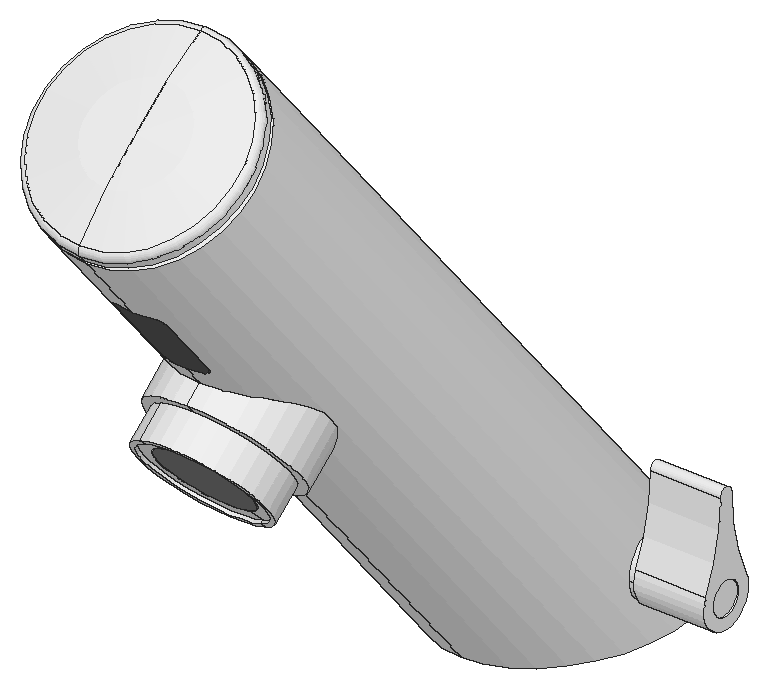
Revit family "PRD_FrankeWS_WtrSpplFttngsFrWshBsnsAndTrghs_ElectronicPillarMixer_F3EM1001-1009", category Plumbing Fixtures, Revit 2018
Family settings
  Round Connector Dimension = Use Diameter
  Part Type = Normal
  OmniClass Number = 23.45.55.14
  OmniClass Title = Single Faucets
  Work Plane-Based = Yes
  Always vertical = No
  Cut with Voids When Loaded = No
  Shared = No
  Room Calculation Point = No
Parameters (values of type "F3EM1001 - 0.10 L/s with 6 V lithium battery")
  WaterSupplyTemperatureMaximum = "n/a"
  WarrantyStartDate [instance] = "1900-12-31T23:59:59"
  WarrantyGuarantorParts = "n/a"
  WarrantyGuarantorLabor = "n/a"
  WarrantyDurationUnit = "year"
  WarrantyDurationParts = "n/a"
  WarrantyDurationLabor = "n/a"
  WarrantyDescription = "n/a"
  VolumeFlowRate = "0.10 L/s at 3 bar"
  Version = "1"
  Uniclass2015Version = "Products v1.10"
  Uniclass2015Title = "Washbasin taps"
  Uniclass2015Code = "Pr_40_20_87_98"
  URL = "www.kwc.com"
  TypeOfTap = "PILLAR-TAB"
  TypeOfSensor = "OPTO-ELEC-SENSOR"
  TypeOfOperation = "SENSOR-OPERATION"
  TypeOfMounting = "TAPHOLE"
  TypeOfMixing = "yes"
  ThermalDisinfection = "no"
  TagNumber [instance] = "n/a"
  SustainabilityPerformance = "n/a"
  SpoutProjection = "100.00 mm"
  SoundInsulation = "no"
  Size = "n/a"
  Shape = "n/a"
  SerialNumber [instance] = "n/a"
  SensorMaterial = PRD_AR_SyntheticDarkGrey
  ScrewMaterial = PRD_AR_ChromatedBrass_HighPolished
  Revision = "n/a"
  ReplacementCost = "n/a"
  ProtectiveSystemIP = "tap IP59K"
  ProtectiveShutdown = "yes"
  ProductInformation = "https://pim.kwc.com/product/2030033388/attachment/datasheet?locale=en"
  PowerSupplyConnection = "BATTERY-6-V"
  PowerConsumption = "1.5"
  PositionOfPowerConnection = "BOTTOM"
  OutletMaterial = PRD_AR_SyntheticGrey
  NominalWidth = 0.000 mm
  NominalLength = 0.000 mm
  NominalHeight = 0.000 mm
  NetWeight = 1.40 kg
  Name = "F3 electronic pillar mixer F3EM1001"
  NBSTypeID = "n/a"
  NBSReference = "45-35-70/371"
  NBSOfficeMasterTag = "n/a"
  NBSNote = "n/a"
  NBSDescription = "Water supply fittings for wash basins and troughs"
  NBSCertification = "n/a"
  ModelReference = "F3EM1001"
  ModelNumber = "2030033388"
  Model = ModelReference  # "F3EM1001"
  MinimumFlowPressure = "1.00 bar"
  MaterialsFinishAndColour = "high-polished chromium-plated brass"
  MaterialsBody = "Brass"
  Material = "Brass"
  ManufacturerURL = "www.kwc.com"
  ManufacturerName = "KWC Group AG"  # constant formula
  Manufacturer = ManufacturerName  # "KWC Group AG"
  IntegralAccessories = "Extension cable ACEX9010, 2-pin, length 5 m."
  InstallationDate [instance] = "1900-12-31T23:59:59"
  IfcExportType = "FAUCET"
  IfcExportAs = "IfcValveType"
  HygieneFlushing = "yes"
  GrossWeight = 1.47 kg
  Grade = "n/a"
  FunctionalPrinciple = "ELECTRONIX-C"
  Form = "Self-closing"
  FlowHotWater = 0.07 L/s
  FlowColdWater = 0.07 L/s
  Finish = "high-polished chromium-plated brass"
  Features = "n/a"
  FaucetType = "PILLAR"
  FaucetTopDescription = "n/a"
  FaucetOperation = "ELECTRONIC"
  FaucetMaterial = PRD_AR_ChromatedBrass_HighPolished
  FaucetFunction = "MIXED"
  ExpectedLife = "n/a"
  DurationUnit = "year"
  DiameterNominal = 15.00 mm
  Description = "F3E-Mix pillar mixer DN 15 for sanitary facilities, opto-electronically controlled. For connection to hot and cold water via hoses with integrated backflow preventer and strainers. Control electronics, solenoid valve cartridge and sensor in all-metal housing, high-polished chromium-plated brass, with temperature lever and adjustable, turn-proof temperature stop. Aerator with integrated flow regulator 6.0 l/min. Activated water hygiene flushing 24 hours after last activation, safety switch-off with continuous reflection and saving of statistical data. With option for parameterization and communication via optional, bidirectional remote control. With battery compartment including 6 V lithium battery (CR-P2) for installation under the washbasin."
  Depressurised = "no"
  DefaultAutomaticHygieneFlushing = "24H-AFTER-ACTIVITY"
  Default Elevation = 750.000 mm
  CreateOn = "04/2019"  # constant formula
  Constituents = "n/a"
  Color = "Chrome"
  CodePerformance = "n/a"
  Category = "Pr_40_20_87_98, Washbasin taps"
  BarCode [instance] = "n/a"
  BIMObjectName = "PRD_AR_WtrSplyFtngsForWshBsnsAndTrghs_ElectronicPillarMixer_F3EM1001"
  Author = "Archispace"  # constant formula
  AssetType = "Fixed"
  AssetIdentifier [instance] = "n/a"
  AccessibilityPerformance = "n/a"
Types (8, lengths in mm): name | VolumeFlowRate | ProtectiveSystemIP | ProductInformation | PowerSupplyConnection | NetWeight | Name | ModelReference | ModelNumber | Model | GrossWeight | Description | BIMObjectName
  F3EM1001 - 0.10 L/s with 6 V lithium battery | "0.10 L/s at 3 bar" | "tap IP59K" | "https://pim.kwc.com/product/2030033388/attachment/datasheet?locale=en" | "BATTERY-6-V" | 1.40 kg | "F3 electronic pillar mixer F3EM1001" | "F3EM1001" | "2030033388" | "F3EM1001" | 1.47 kg | "F3E-Mix pillar mixer DN 15 for sanitary facilities, opto-electronically controlled. For connection to hot and cold water via hoses with integrated backflow preventer and strainers. Control electronics, solenoid valve cartridge and sensor in all-metal housing, high-polished chromium-plated brass, with temperature lever and adjustable, turn-proof temperature stop. Aerator with integrated flow regulator 6.0 l/min. Activated water hygiene flushing 24 hours after last activation, safety switch-off with continuous reflection and saving of statistical data. With option for parameterization and communication via optional, bidirectional remote control. With battery compartment including 6 V lithium battery (CR-P2) for installation under the washbasin." | "PRD_AR_WtrSplyFtngsForWshBsnsAndTrghs_ElectronicPillarMixer_F3EM1001"
  F3EM1002 - 0.10 L/s with 100 - 240 V AC plug-in power supply unit | "0.10 L/s at 3 bar" | "tap IP59K" | "https://pim.kwc.com/product/2030033389/attachment/datasheet?locale=en" | "100-240VAC" | 1.42 kg | "F3 electronic pillar mixer F3EM1002" | "F3EM1002" | "2030033389" | "F3EM1002" | 1.50 kg | "F3E-Mix pillar mixer DN 15 for sanitary facilities, opto-electronically controlled. For connection to hot and cold water via hoses with integrated backflow preventer and strainers. Control electronics, solenoid valve cartridge and sensor in all-metal housing, high-polished chromium-plated brass, with temperature lever and adjustable, turn-proof temperature stop. Aerator with integrated flow regulator 6.0 l/min. Activated water hygiene flushing 24 hours after last activation, safety switch-off with continuous reflection and saving of statistical data. With option for parameterization and communication via optional, bidirectional remote control. With 100 -240 V AC plug-in power supply unit." | "PRD_AR_WtrSplyFtngsForWshBsnsAndTrghs_ElectronicPillarMixer_F3EM1002"
  F3EM1003 - 0.10 L/s with in-wall power supply 100 - 240 V AC | "0.10 L/s at 3 bar" | "tap IP59K" | "https://pim.kwc.com/product/2030033545/attachment/datasheet?locale=en" | "100-240VAC" | 1.43 kg | "F3 electronic pillar mixer F3EM1003" | "F3EM1003" | "2030033545" | "F3EM1003" | 1.50 kg | "F3E-Mix pillar mixer DN 15 for sanitary facilities, opto-electronically controlled. For connection to hot and cold water via hoses with integrated backflow preventer and strainers. Control electronics, solenoid valve cartridge and sensor in all-metal housing, high-polished chromium-plated brass, with temperature lever and adjustable, turn-proof temperature stop. Aerator with integrated flow regulator 6.0 l/min. Activated water hygiene flushing 24 hours after last activation, safety switch-off with continuous reflection and saving of statistical data. With option for parameterization and communication via optional, bidirectional remote control. With in-wall power supply 100 - 240 V AC." | "PRD_AR_WtrSplyFtngsForWshBsnsAndTrghs_ElectronicPillarMixer_F3EM1003"
  F3EM1005 - 0.10 L/s with separate power supply via power supply unit 6.75 V / 12 V DC | "0.10 L/s at 3 bar" | "IP59K" | "https://pim.kwc.com/product/2030039469/attachment/datasheet?locale=en" | "6-12-VDC" | 1.33 kg | "F3 electronic pillar mixer F3EM1005" | "F3EM1005" | "2030039469" | "F3EM1005" | 1.40 kg | "F3E-Mix pillar mixer DN 15 for sanitary facilities, opto-electronically controlled. For connection to hot and cold water via hoses with integrated backflow preventer and strainers. Control electronics, solenoid valve cartridge and sensor in all-metal housing, high-polished chromium-plated brass, with temperature lever and adjustable, turn-proof temperature stop. Aerator with integrated flow regulator 6.0 l/min. Activated water hygiene flushing 24 hours after last activation, safety switch-off with continuous reflection and saving of statistical data. With option for parameterization and communication via optional, bidirectional remote control. Separate power supply via power supply unit 6.75 V / 12 V DC." | "PRD_AR_WtrSplyFtngsForWshBsnsAndTrghs_ElectronicPillarMixer_F3EM1005"
  F3EM1006 - 0.05 L/s with 6 V lithium battery | "0.05 L/s at 3 bar" | "tap IP59K" | "https://pim.kwc.com/product/2030039470/attachment/datasheet?locale=en" | "BATTERY-6-V" | 1.40 kg | "F3 electronic pillar mixer F3EM1006" | "F3EM1006" | "2030039470" | "F3EM1006" | 1.44 kg | "F3E-Mix pillar mixer DN 15 for sanitary facilities, opto-electronically controlled. For connection to hot and cold water via hoses with integrated backflow preventer and strainers. Control electronics, solenoid valve cartridge and sensor in all-metal housing, highpolished chromium-plated brass, with temperature lever and adjustable, turn-proof temperature stop. Aerator with integrated flow regulator 3.0 l/min. Activated water hygiene flushing 24 hours after last activation, safety switch-off with continuous reflection and saving of statistical data. With option for parameterization and communication via optional, bidirectional remote control. With battery compartment including 6 V lithium battery (CR-P2) for installation under the washbasin." | "PRD_AR_WtrSplyFtngsForWshBsnsAndTrghs_ElectronicPillarMixer_F3EM1006"
  F3EM1007 - 0.05 L/s with 100 - 240 V AC plug-in power supply unit | "0.05 L/s at 3 bar" | "tap IP59K" | "https://pim.kwc.com/product/2030039471/attachment/datasheet?locale=en" | "100-240VAC" | 1.33 kg | "F3 electronic pillar mixer F3EM1007" | "F3EM1007" | "2030039471" | "F3EM1007" | 1.40 kg | "F3E-Mix pillar mixer DN 15 for sanitary facilities, opto-electronically controlled. For connection to hot and cold water via hoses with integrated backflow preventer and strainers. Control electronics, solenoid valve cartridge and sensor in all-metal housing, highpolished chromium-plated brass, with temperature lever and adjustable, turn-proof temperature stop. Aerator with integrated flow regulator 3.0 l/min. Activated water hygiene flushing 24 hours after last activation, safety switch-off with continuous reflection and saving of statistical data. With option for parameterization and communication via optional, bidirectional remote control. With 100 - 240 V AC plug-in power supply unit." | "PRD_AR_WtrSplyFtngsForWshBsnsAndTrghs_ElectronicPillarMixer_F3EM1007"
  F3EM1008 - 0.05 L/s with in-wall power supply 100 - 240 V AC | "0.05 L/s at 3 bar" | "tap IP59K" | "https://pim.kwc.com/product/2030039472/attachment/datasheet?locale=en" | "100-240VAC" | 1.33 kg | "F3 electronic pillar mixer F3EM1008" | "F3EM1008" | "2030039472" | "F3EM1008" | 1.40 kg | "F3E-Mix pillar mixer DN 15 for sanitary facilities, opto-electronically controlled. For connection to hot and cold water via hoses with integrated backflow preventer and strainers. Control electronics, solenoid valve cartridge and sensor in all-metal housing, highpolished chromium-plated brass, with temperature lever and adjustable, turn-proof temperature stop. Aerator with integrated flow regulator 3.0 l/min. Activated water hygiene flushing 24 hours after last activation, safety switch-off with continuous reflection and saving of statistical data. With option for parameterization and communication via optional, bidirectional remote control. With in-wall power supply 100 - 240 V AC." | "PRD_AR_WtrSplyFtngsForWshBsnsAndTrghs_ElectronicPillarMixer_F3EM1008"
  F3EM1009 - 0.05 L/s with separate power supply via power supply unit 6.75 V / 12 V DC | "0.05 L/s at 3 bar" | "IP59K" | "https://pim.kwc.com/product/2030039473/attachment/datasheet?locale=en" | "6-12-VDC" | 1.33 kg | "F3 electronic pillar mixer F3EM1009" | "F3EM1009" | "2030039473" | "F3EM1009" | 1.40 kg | "F3E-Mix pillar mixer DN 15 for sanitary facilities, opto-electronically controlled. For connection to hot and cold water via hoses with integrated backflow preventer and strainers. Control electronics, solenoid valve cartridge and sensor in all-metal housing, highpolished chromium-plated brass, with temperature lever and adjustable, turn-proof temperature stop. Aerator with integrated flow regulator 3.0 l/min. Activated water hygiene flushing 24 hours after last activation, safety switch-off with continuous reflection and saving of statistical data. With option for parameterization and communication via optional, bidirectional remote control. Separate power supply via power supply unit 6.75 V / 12 V DC." | "PRD_AR_WtrSplyFtngsForWshBsnsAndTrghs_ElectronicPillarMixer_F3EM1009"
Reference planes
  plane 1 "Center (Front/Back)": y = 0
  plane 2: z = 0
  plane 3 "Center (Left/Right)": x = 0
  plane 4: through (0, 0, 0) normal (0, 0.766, 0.6428)
Forms (mm)
  Extrusion 1, solid, not visible, detail levels coarse
    sketch origin (0, 0, 0) x (1, 0, 0) y (0, 1, 0)
      loop
        circle (-9.5, 0) r 4.763
      loop
        circle (9.5, 0) r 4.763
    from 0 to 1
  Sweep 2, solid, material "PRD_AR_ChromatedBrass_HighPolished" <- "FaucetMaterial", detail levels fine
    path origin (0, 0, 0) x (0, 1, 0) y (0, 0, 1)
      loop
        line (14.852, -17.7) -> (-112.596, 134.187)
    profile origin (0, -48.872, 58.244) x (0, -0.766044, -0.642788) y (1, 0, 0)
      loop
        circle (0, 0) r 22.5
  Extrusion 3, void
    sketch origin (0, 0, 0) x (0, 1, 0) y (0, 0, 1)
      loop
        line (-42.3, 0) -> (-42.3, -60) -> (57.7, -60) -> (57.7, 0) -> (-42.3, 0)
    from -22.5 to 22.5
  Revolve 4, solid, material "PRD_AR_ChromatedBrass_HighPolished" <- "FaucetMaterial", detail levels medium
    sketch origin (0, 3.214, -3.83) x (0, 1, 0) y (0, 0, 1)
      loop
        line (-112.005, 79.635) -> (-101.721, 67.379) -> (-75.206, 89.627) -> (-85.491, 101.884) -> (-112.005, 79.635)
      axis (-75.206, 89.627) -> (-101.721, 67.379)
    angle from 0 to 360
  Revolve 5, solid, material "PRD_AR_ChromatedBrass_HighPolished" <- "FaucetMaterial", detail levels fine
    sketch origin (0, -10.285, 12.257) x (0, 1, 0) y (0, 0, 1)
      loop
        line (-102.312, 121.931) -> (-103.167, 122.95) -> (-119.638, 109.13) -> (-118.782, 108.11) -> (-102.312, 121.931)
      axis (-103.167, 122.95) -> (-102.312, 121.931)
    angle from 0 to 360
  Extrusion 6, solid, material "PRD_AR_ChromatedBrass_HighPolished" <- "FaucetMaterial", detail levels fine
    sketch origin (0, 0, 0) x (0, 1, 0) y (0, 0, 1)
      loop
        circle (-6.799, 14.987) r 5.5
    from 0 to 24
  Extrusion 7, solid, material "PRD_AR_ChromatedBrass_HighPolished" <- "FaucetMaterial", detail levels fine
    sketch origin (0, -13.599, 0) x (0, -1, 0) y (0, 0, -1)
      loop
        arc (-12.208, -17.586) -> (-9.277, -26.032) -> (-8.295, -34.918) r 40.005
        arc (-8.295, -34.918) -> (-6.799, -36.416) -> (-5.304, -34.918) r 1.495
        arc (-5.304, -34.918) -> (-4.321, -26.032) -> (-1.39, -17.586) r 40.004
        arc (-1.39, -17.586) -> (-6.799, -9.004) -> (-12.208, -17.586) r 5.996
    from 24 to 39
  Extrusion 8, solid, material "PRD_AR_ChromatedBrass_HighPolished" <- "ScrewMaterial", detail levels fine
    sketch origin (0, 0, 0) x (0, 1, 0) y (0, 0, 1)
      loop
        circle (-6.799, 15) r 3.526
    from 37 to 38.5
  Extrusion 9, void
    sketch origin (0, 0, 0) x (0, 1, 0) y (0, 0, 1)
      loop
        circle (-6.799, 15) r 3.526
    from 37 to 39
  Extrusion 10, solid, material "PRD_AR_ChromatedBrass_HighPolished" <- "FaucetMaterial", detail levels medium
    sketch origin (0, 0, 0) x (0, 1, 0) y (0, 0, 1)
      loop
        arc (-8.295, 34.918) -> (-9.277, 26.032) -> (-12.208, 17.586) r 40.004
        arc (-12.208, 17.586) -> (-6.799, 9.004) -> (-1.39, 17.586) r 5.996
        arc (-1.39, 17.586) -> (-4.321, 26.032) -> (-5.304, 34.918) r 40.005
        arc (-5.304, 34.918) -> (-6.799, 36.416) -> (-8.295, 34.918) r 1.495
    from 24 to 39
  Revolve 11, solid, material "PRD_AR_ChromatedBrass_HighPolished" <- "FaucetMaterial", detail levels fine
    sketch origin (0, 3.214, -3.83) x (0, 1, 0) y (0, 0, 1)
      loop
        line (-106.174, 84.529) -> (-95.889, 72.272) -> (-75.206, 89.627) -> (-85.491, 101.884) -> (-106.174, 84.529)
      axis (-75.206, 89.627) -> (-95.889, 72.272)
    angle from 0 to 360
  Extrusion 12, void
    sketch origin (0, -10.285, 12.257) x (0, 0.642788, -0.766044) y (-1, 0, 0)
      loop
        line (-139.772, 3.5) -> (-139.772, -3.5)
        arc (-139.772, -3.5) -> (-139.186, -4.914) -> (-137.772, -5.5) r 2
        line (-137.772, -5.5) -> (-119.772, -5.5)
        arc (-119.772, -5.5) -> (-118.358, -4.914) -> (-117.772, -3.5) r 2
        line (-117.772, -3.5) -> (-117.772, 3.5)
        arc (-117.772, 3.5) -> (-118.358, 4.914) -> (-119.772, 5.5) r 2
        line (-119.772, 5.5) -> (-137.772, 5.5)
        arc (-137.772, 5.5) -> (-139.186, 4.914) -> (-139.772, 3.5) r 2
    from -20.783 to -24.682
  Sweep 13, solid, material "PRD_AR_ChromatedBrass_HighPolished" <- "FaucetMaterial", detail levels medium
    path origin (0, 0, 0) x (0, 1, 0) y (0, 0, 1)
      loop
        line (14.852, -17.7) -> (-116.649, 139.017)
    profile origin (0, -50.898, 60.658) x (0, -0.766044, -0.642788) y (1, 0, 0)
      loop
        circle (0, 0) r 22.5
  Extrusion 14, solid, material "PRD_AR_ChromatedBrass_HighPolished" <- "FaucetMaterial", detail levels coarse
    sketch origin (0, 0, 0) x (0, 1, 0) y (0, 0, 1)
      loop
        line (29.372, 0) -> (29.372, 153.479) -> (-133.885, 153.479) -> (-133.885, 0) -> (29.372, 0)
    from -22.5 to 22.5
  Extrusion 15, solid, material "PRD_AR_SyntheticDarkGrey" <- "SensorMaterial", detail levels fine
    sketch origin (0, -10.741, 12.801) x (0, 0.642788, -0.766044) y (-1, 0, 0)
      loop
        arc (-117.061, 3.5) -> (-117.647, 4.914) -> (-119.061, 5.5) r 2
        line (-119.061, 5.5) -> (-137.061, 5.5)
        arc (-137.061, 5.5) -> (-138.475, 4.914) -> (-139.061, 3.5) r 2
        line (-139.061, 3.5) -> (-139.061, -3.5)
        arc (-139.061, -3.5) -> (-138.475, -4.914) -> (-137.061, -5.5) r 2
        line (-137.061, -5.5) -> (-119.061, -5.5)
        arc (-119.061, -5.5) -> (-117.647, -4.914) -> (-117.061, -3.5) r 2
        line (-117.061, -3.5) -> (-117.061, 3.5)
    from -24.682 to -20.783
  Sweep 16, void
    path origin (0, 0, 0) x (0, 1, 0) y (0, 0, 1)
      loop
        line (14.852, -17.7) -> (-112.596, 134.187)
    profile origin (0, -48.872, 58.244) x (0, -0.766044, -0.642788) y (1, 0, 0)
      loop
        line (0, -22.5) -> (32.096, -22.5) -> (32.096, 22.5) -> (0, 22.5)
        arc (0, 22.5) -> (22.5, 0) -> (0, -22.5) r 22.5
  Extrusion 17, solid, material "PRD_AR_ChromatedBrass_HighPolished" <- "FaucetMaterial", detail levels medium
    sketch origin (0, 0, 0) x (0, 1, 0) y (0, 0, 1)
      loop
        circle (-6.799, 14.987) r 5.5
    from 0 to 24
Cuts and joins
  Extrusion 3, Extrusion 12 cuts Sweep 2
  joined: Sweep 2, Extrusion 6, Revolve 11
  Extrusion 9 cuts Extrusion 7
  Extrusion 3 cuts Sweep 13
  joined: Revolve 4, Sweep 13, Extrusion 17
  Sweep 16 cuts Extrusion 15
Lines and regions (mm)
  model lines
    curve 1: line (0, -26.759, 0) -> (0, 26.759, 0)
Dimensions and locks
  aligned and locked: level to plane 2
Nested families
  nested 1: "TopPart" at (0, -113.452, 135.207) x (0, 0.766, 0.6428) z (1, 0, 0), TopMaterial <- "FaucetMaterial", type "TopPart", detail levels fine
    with TopMaterial PRD_AR_ChromatedBrass_HighPolished
  nested 2: "PRD_AR_WtrArtrs_TapAerator_ZAQUA087" at (-0.235, -92.615, 68.369) x (0.8539, -0.3345, 0.3986) z (0, -0.766, -0.6428), FaucetMaterial <- "FaucetMaterial", OutletMaterial <- "OutletMaterial", type "ZAQUA087", detail levels fine
    with OutletMaterial PRD_AR_SyntheticGrey, FaucetMaterial PRD_AR_ChromatedBrass_HighPolished
Connectors
  piping at (-9.5, 0, 0), diameter 15, driven by "FlowHotWater", driven by "DiameterNominal"
    settings: on Extrusion 1, index 1, connector inside diameter 609.60 mm, connector length 0.000 mm, flow factor 0, pipe flow 0.07 L/s, pressure drop 0.0 Pa, fitting loss kfactor 0, connector angle 0.00°, fixture units 0, engagement length 0.000 mm, angle of deflection 0.00°, flow configuration 2, flow direction 1, fitting loss method 0, system type 19, joint type 0, gender type 0, connector reference index -1, connector utility 0, adjustable connector no, is connector primary yes, connector description ""
  piping at (9.5, 0, 0), diameter 15, driven by "FlowColdWater", driven by "DiameterNominal"
    settings: on Extrusion 1, index 2, connector inside diameter 609.60 mm, connector length 0.000 mm, flow factor 0, pipe flow 0.07 L/s, pressure drop 0.0 Pa, fitting loss kfactor 0, connector angle 0.00°, fixture units 0, engagement length 0.000 mm, angle of deflection 0.00°, flow configuration 2, flow direction 1, fitting loss method 0, system type 20, joint type 0, gender type 0, connector reference index -1, connector utility 0, adjustable connector no, is connector primary no, connector description ""
Definition of nested family "TopPart"
  Parameters (values of type "TopPart")
    TopMaterial [instance] = none
    Default Elevation = 1219.200 mm
  Reference planes
    plane 1 "Środek (Przód/Tył)": y = 0
    plane 2: z = 0
    plane 3 "Środek (Lewa/Prawa)": x = 0
  Forms (mm)
    Revolve 1, solid, material <- "TopMaterial"
      sketch origin (0, 0, 0) x (1, 0, 0) y (0, 1, 0)
        loop
          arc (21.203, 3.2) -> (10.649, 4.652) -> (0, 4.973) r 100
          line (0, 4.973) -> (0, 0) -> (22.501, 0) -> (22.501, 1.629)
          arc (22.501, 1.629) -> (22.134, 2.648) -> (21.203, 3.2) r 1.6
        axis (0, 4.973) -> (0, 0)
      angle from 0 to 360
  Dimensions and locks
    aligned and locked: level to plane 2
Definition of nested family "PRD_AR_WtrArtrs_TapAerator_ZAQUA087"
  Parameters (values of type "ZAQUA087")
    WarrantyStartDate = "1900-12-31T23:59:59"
    WarrantyGuarantorParts = "n/a"
    WarrantyGuarantorLabor = "n/a"
    WarrantyDurationUnit = "year"
    WarrantyDurationLabor = "n/a"
    WarrantyDescription = "n/a"
    Version = "1"
    Uniclass2015Version = "Products v1.10"
    Uniclass2015Title = "Water aerators"
    Uniclass2015Code = "Pr_60_55_97_95"
    URL = "www.kwc.com"
    TagNumber = "n/a"
    SustainabilityPerformance = "n/a"
    Style = "n/a"
    Size = "n/a"
    Shape = "n/a"
    SerialNumber = "n/a"
    Revision = "n/a"
    ReplacementCost = "n/a"
    ProductInformation = "https://pim.kwc.com/product/2000101160/attachment/datasheet?locale=en"
    Name = "Tap Aerator ZAQUA087"
    NBSTypeID = "n/a"
    NBSReference = "90-15-90/335"
    NBSOfficeMasterTag = "n/a"
    NBSNote = "n/a"
    NBSDescription = "Water aerators"
    NBSCertification = "n/a"
    Material = "stainless steel"
    ManufacturerURL = "www.kwc.com"
    Manufacturer = ManufacturerName  # "KWC Group AG"
    OutletMaterial [instance] = none
    MainColor = "stainless steel"
    InstallationDate = "1900-12-31T23:59:59"
    IfcExportType = "USERDEFINED"
    IfcExportAs = "IfcElementAssembly"
    Grade = "n/a"
    Finish = "n/a"
    FillingQuantity = "1 piece"
    Features = "Theft-proof water aerator ZAQUA087"
    ExpectedLife = "n/a"
    DurationUnit = "year"
    Description = "Theft-proof aerator with integrated flow regulator 0.10 l/s, with male thread M 24 x 1."
    NetWeight = 0.03 kg
    ModelReference = "ZAQUA087"
    ModelNumber = "2000101160"
    Model = ModelReference  # "ZAQUA087"
    ManufacturerName = "KWC Group AG"  # constant formula
    GrossWeight = 0.03 kg
    FaucetMaterial [instance] = none
    Default Elevation = 1219.200 mm
    CreateOn = "11/2018"  # constant formula
    Constituents = "n/a"
    Color = "no colour"
    CodePerformance = "n/a"
    Category = "Pr_60_55_97_95, Water aerators"
    BarCode = "n/a"
    BIMObjectName = "PRD_AR_WtrArtrs_TapAerator_ZAQUA087"
    Author = "Archispace"  # constant formula
    AssetType = "Fixed"
    AssetIdentifier = "n/a"
    AccessibilityPerformance = "n/a"
  Reference planes
    plane 1 "Środek (Przód/Tył)": y = 0
    plane 2: z = 0
    plane 3 "Środek (Lewa/Prawa)": x = 0
  Forms (mm)
    Revolve 1, solid, material <- "FaucetMaterial", detail levels fine
      sketch origin (0, 0, 0) x (0, 1, 0) y (0, 0, 1)
        loop
          line (0, 0) -> (0, 5.587) -> (-10.25, 5.587) -> (-10.25, 6.717) -> (-13, 6.717) -> (-13, 7.5) -> (-14, 7.5) -> (-14, 0) -> (0, 0)
        axis (0, 7.5) -> (0, 0)
      angle from 0 to 360
    Extrusion 2, solid, material <- "OutletMaterial", detail levels fine
      sketch origin (0, 0, 0) x (1, 0, 0) y (0, 1, 0)
        loop
          circle (0, 0) r 10
      from 5.587 to 6.717
  Dimensions and locks
    aligned and locked: level to plane 2
